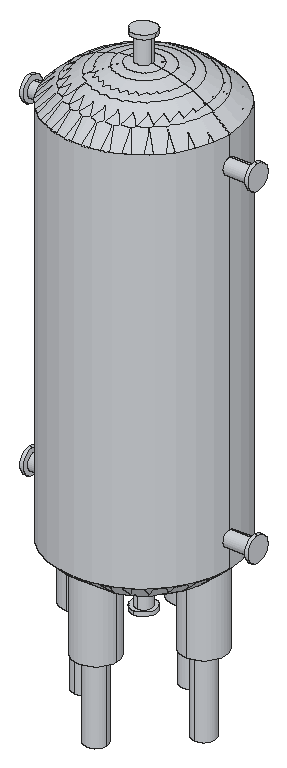
Revit family "b5b8c28974724057a4cf1a1e94b449d5", category Mechanical Equipment, Revit 2021
Family settings
  Round Connector Dimension = Use Radius
  Part Type = Normal
  OmniClass Number = 23.15.30.27.11
  OmniClass Title = Tanks, Reservoirs
  Seek Item ID = Storage Tank - Vertical-0000-USA-ENU
  Work Plane-Based = No
  Always vertical = Yes
  Cut with Voids When Loaded = No
  Shared = No
  Room Calculation Point = No
Parameters (values of type "120 Gallon")
  Tank Radius = Tank Diameter / 2  # 1' - 0"
  Tank Material = none
  Tank Height = 5' - 4 7/8"
  Tank Diameter = 2' - 0"
  Radius = (Height 1 * Height 1 + 0.25 * Tank Diameter * Tank Diameter) * 0.5 / Height 1  # 1' - 4.46783"
  Outlet Radius = 1"
  Outlet Diameter = Outlet Radius * 2  # 2"
  Inlet Radius = 1"
  Inlet Diameter = Inlet Radius * 2  # 2"
  Height 2 = 0.06 * Tank Height  # 0' - 3.8925"
  Height 1 = 0.08 * Tank Height  # 0' - 5.19"
  Sanitary Radius = 1"
  Sanitary Diameter = Sanitary Radius * 2  # 2"
  Flow [instance] = 0 GPM
  Diameter 1 = 0.7 * Tank Diameter  # 1' - 4.8"
  Default Elevation = 0' - 0"
  Connector Outside Radius = 0.5 * Connector Outside Diameter  # 0' - 1.1"
  Connector Outside Diameter = Inlet Diameter * 1.1  # 2.2"
  Connector Flange Outside Radius = 0.5 * Connector Flange Outside Diameter  # 0' - 1.7"
  Connector Flange Outside Diameter = Inlet Diameter * 1.7  # 3.4"
  Assembly Code = ""
Types (8): name | Tank Radius | Tank Height | Tank Diameter | Radius | Outlet Radius | Outlet Diameter | Inlet Radius | Inlet Diameter | Height 2 | Height 1 | Sanitary Radius | Sanitary Diameter | Diameter 1 | Connector Outside Radius | Connector Outside Diameter | Connector Flange Outside Radius | Connector Flange Outside Diameter
  120 Gallon | 1' - 0" | 5' - 4 7/8" | 2' - 0" | 1' - 4.46783" | 1" | 2" | 1" | 2" | 0' - 3.8925" | 0' - 5.19" | 1" | 2" | 1' - 4.8" | 0' - 1.1" | 2.2" | 0' - 1.7" | 3.4"
  200 Gallon | 1' - 3" | 5' - 11 27/32" | 2' - 6" | 1' - 10.44748" | 1 1/4" | 2 1/2" | 1 1/4" | 2 1/2" | 0' - 4.31062" | 0' - 5.7475" | 1 1/4" | 2 1/2" | 1' - 9" | 0' - 1 3/8" | 2 3/4" | 0' - 2 1/8" | 4 1/4"
  350 Gallon | 1' - 6" | 7' - 3 7/8" | 3' - 0" | 2' - 2.5591" | 1 1/4" | 2 1/2" | 1 1/4" | 2 1/2" | 0' - 5.2725" | 0' - 7.03" | 1 1/4" | 2 1/2" | 2' - 1.2" | 0' - 1 3/8" | 2 3/4" | 0' - 2 1/8" | 4 1/4"
  500 Gallon | 2' - 0" | 7' - 11 51/128" | 4' - 0" | 3' - 5.5524" | 1 1/2" | 3" | 1 1/2" | 3" | 0' - 5.72391" | 0' - 7.63187" | 1 1/2" | 3" | 2' - 9.6" | 0' - 1.65" | 3.3" | 0' - 2.55" | 5.1"
  750 Gallon | 2' - 0" | 8' - 9 29/32" | 4' - 0" | 3' - 2.22858" | 1 1/2" | 3" | 1 1/2" | 3" | 0' - 6.35438" | 0' - 8.4725" | 1 1/2" | 3" | 2' - 9.6" | 0' - 1.65" | 3.3" | 0' - 2.55" | 5.1"
  1000 Gallon | 2' - 0" | 11' - 5 29/32" | 4' - 0" | 2' - 7.62094" | 1 1/2" | 3" | 1 1/2" | 3" | 0' - 8.27437" | 0' - 11.0325" | 1 1/2" | 3" | 2' - 9.6" | 0' - 1.65" | 3.3" | 0' - 2.55" | 5.1"
  2000 Gallon | 2' - 3" | 11' - 6" | 4' - 6" | 3' - 2.5363" | 1 1/2" | 3" | 1 1/2" | 3" | 0' - 8.28" | 0' - 11.04" | 1 1/2" | 3" | 3' - 1.8" | 0' - 1.65" | 3.3" | 0' - 2.55" | 5.1"
  3000 Gallon | 2' - 6" | 11' - 6" | 5' - 0" | 3' - 10.28087" | 1 1/2" | 3" | 1 1/2" | 3" | 0' - 8.28" | 0' - 11.04" | 1 1/2" | 3" | 3' - 6" | 0' - 1.65" | 3.3" | 0' - 2.55" | 5.1"
Reference planes (in)
  plane 1 "Center (Front/Back)": y = 0
  plane 2: z = 0
  plane 3 "Center (Left/Right)": x = 0
  plane 4: z = 17
  plane 5: z = 22.19
  plane 6: z = 26.0825
  plane 7: z = 81.875
  plane 8: z = 76.685
  plane 9: z = 72.7925
  plane 10: z = 85.375
  plane 11: z = 85.875
  plane 12: z = 13.5
  plane 13: z = 13
  plane 14: z = 11.095
  plane 15: x = -8.4
  plane 16: x = 8.4
  plane 17: y = 8.4
  plane 18: y = -8.4
  plane 19: z = 33.46783
  plane 20: z = 65.40717
  plane 21: x = -12
  plane 22: x = 12
  plane 23: x = -15.5
  plane 24: x = 15.5
  plane 25: x = -16
  plane 26: x = 16
Forms (in)
  Revolve 1, solid, material <- "Tank Material"
    sketch origin (0, 0, 0) x (1, 0, 0) y (0, 0, 1)
      loop
        line (-12, 76.685) -> (-12, 22.19)
        arc (-12, 22.19) -> (-6.53713, 18.35309) -> (0, 17) r 16.46783
        line (0, 17) -> (0, 81.875)
        arc (0, 81.875) -> (-6.53713, 80.52191) -> (-12, 76.685) r 16.46783
      axis (0, 81.875) -> (0, 17)
    angle from 0 to 360
  Sweep 2, solid, material <- "Tank Material"
    path origin (0, 0, 0) x (1, 0, 0) y (0, 0, 1)
      loop
        line (-8.4, 22.19) -> (-8.4, 11.095)
    profile origin (-8.4, 0, 16.6425) x (0, -1, 0) y (1, 0, 0)
      loop
        circle (0, 0) r 3
  Sweep 3, solid, material <- "Tank Material"
    path origin (0, 0, 0) x (1, 0, 0) y (0, 0, 1)
      loop
        line (8.4, 22.19) -> (8.4, 11.095)
    profile origin (8.4, 0, 16.6425) x (0, -1, 0) y (1, 0, 0)
      loop
        circle (0, 0) r 3
  Sweep 4, solid, material <- "Tank Material"
    path origin (0, 0, 0) x (0, 1, 0) y (0, 0, 1)
      loop
        line (8.4, 22.19) -> (8.4, 11.095)
    profile origin (0, 8.4, 16.6425) x (1, 0, 0) y (0, 1, 0)
      loop
        circle (0, 0) r 3
  Sweep 5, solid, material <- "Tank Material"
    path origin (0, 0, 0) x (0, 1, 0) y (0, 0, 1)
      loop
        line (-8.4, 22.19) -> (-8.4, 11.095)
    profile origin (0, -8.4, 16.6425) x (1, 0, 0) y (0, 1, 0)
      loop
        circle (0, 0) r 3
  Sweep 6, solid, material <- "Tank Material"
    path origin (0, 0, 0) x (1, 0, 0) y (0, 0, 1)
      loop
        line (-8.4, 11.095) -> (-8.4, 0)
    profile origin (-8.4, 0, 5.5475) x (0, -1, 0) y (1, 0, 0)
      loop
        circle (0, 0) r 1.5
  Sweep 7, solid, material <- "Tank Material"
    path origin (0, 0, 0) x (1, 0, 0) y (0, 0, 1)
      loop
        line (8.4, 11.095) -> (8.4, 0)
    profile origin (8.4, 0, 5.5475) x (0, -1, 0) y (1, 0, 0)
      loop
        circle (0, 0) r 1.5
  Sweep 8, solid, material <- "Tank Material"
    path origin (0, 0, 0) x (0, 1, 0) y (0, 0, 1)
      loop
        line (8.4, 11.095) -> (8.4, 0)
    profile origin (0, 8.4, 5.5475) x (1, 0, 0) y (0, 1, 0)
      loop
        circle (0, 0) r 1.5
  Sweep 9, solid, material <- "Tank Material"
    path origin (0, 0, 0) x (0, 1, 0) y (0, 0, 1)
      loop
        line (-8.4, 11.095) -> (-8.4, 0)
    profile origin (0, -8.4, 5.5475) x (1, 0, 0) y (0, 1, 0)
      loop
        circle (0, 0) r 1.5
  Sweep 10, solid, material <- "Tank Material"
    path origin (0, 0, 0) x (1, 0, 0) y (0, 0, 1)
      loop
        line (0, 76.685) -> (0, 85.375)
    profile origin (0, 0, 81.03) x (-1, 0, 0) y (0, -1, 0)
      loop
        circle (0, 0) r 1.1
  Sweep 11, solid, material <- "Tank Material"
    path origin (0, 0, 0) x (1, 0, 0) y (0, 0, 1)
      loop
        line (0, 85.375) -> (0, 85.875)
    profile origin (0, 0, 85.625) x (-1, 0, 0) y (0, -1, 0)
      loop
        circle (0, 0) r 1.7
  Sweep 12, solid, material <- "Tank Material"
    path origin (0, 0, 0) x (1, 0, 0) y (0, 0, 1)
      loop
        line (0, 22.19) -> (0, 13.5)
    profile origin (0, 0, 17.845) x (0, -1, 0) y (1, 0, 0)
      loop
        circle (0, 0) r 1.1
  Sweep 13, solid, material <- "Tank Material"
    path origin (0, 0, 0) x (1, 0, 0) y (0, 0, 1)
      loop
        line (0, 13.5) -> (0, 13)
    profile origin (0, 0, 13.25) x (0, -1, 0) y (1, 0, 0)
      loop
        circle (0, 0) r 1.7
  Sweep 14, solid, material <- "Tank Material"
    path origin (0, 0, 0) x (1, 0, 0) y (0, 0, 1)
      loop
        line (-8.4, 72.7925) -> (-15.5, 72.7925)
    profile origin (-11.95, 0, 72.7925) x (0, 0, -1) y (0, -1, 0)
      loop
        circle (0, 0) r 1.1
  Sweep 15, solid, material <- "Tank Material"
    path origin (0, 0, 0) x (1, 0, 0) y (0, 0, 1)
      loop
        line (-15.5, 72.7925) -> (-16, 72.7925)
    profile origin (-15.75, 0, 72.7925) x (0, 0, -1) y (0, -1, 0)
      loop
        circle (0, 0) r 1.7
  Sweep 16, solid, material <- "Tank Material"
    path origin (0, 0, 0) x (1, 0, 0) y (0, 0, 1)
      loop
        line (8.4, 72.7925) -> (15.5, 72.7925)
    profile origin (11.95, 0, 72.7925) x (0, 0, 1) y (0, -1, 0)
      loop
        circle (0, 0) r 1.1
  Sweep 17, solid, material <- "Tank Material"
    path origin (0, 0, 0) x (1, 0, 0) y (0, 0, 1)
      loop
        line (15.5, 72.7925) -> (16, 72.7925)
    profile origin (15.75, 0, 72.7925) x (0, 0, 1) y (0, -1, 0)
      loop
        circle (0, 0) r 1.7
  Sweep 18, solid, material <- "Tank Material"
    path origin (0, 0, 0) x (1, 0, 0) y (0, 0, 1)
      loop
        line (-8.4, 26.0825) -> (-15.5, 26.0825)
    profile origin (-11.95, 0, 26.0825) x (0, 0, -1) y (0, -1, 0)
      loop
        circle (0, 0) r 1.1
  Sweep 19, solid, material <- "Tank Material"
    path origin (0, 0, 0) x (1, 0, 0) y (0, 0, 1)
      loop
        line (-15.5, 26.0825) -> (-16, 26.0825)
    profile origin (-15.75, 0, 26.0825) x (0, 0, -1) y (0, -1, 0)
      loop
        circle (0, 0) r 1.7
  Sweep 20, solid, material <- "Tank Material"
    path origin (0, 0, 0) x (1, 0, 0) y (0, 0, 1)
      loop
        line (8.4, 26.0825) -> (15.5, 26.0825)
    profile origin (11.95, 0, 26.0825) x (0, 0, 1) y (0, -1, 0)
      loop
        circle (0, 0) r 1.1
  Sweep 21, solid, material <- "Tank Material"
    path origin (0, 0, 0) x (1, 0, 0) y (0, 0, 1)
      loop
        line (15.5, 26.0825) -> (16, 26.0825)
    profile origin (15.75, 0, 26.0825) x (0, 0, 1) y (0, -1, 0)
      loop
        circle (0, 0) r 1.7
  Revolve 22, solid, material <- "Tank Material"
    sketch origin (0, 0, 0) x (1, 0, 0) y (0, 0, 1)
      loop
        line (-12, 76.685) -> (-12, 22.19)
        arc (-12, 22.19) -> (-6.53713, 18.35309) -> (0, 17) r 16.46783
        line (0, 17) -> (0, 81.875)
        arc (0, 81.875) -> (-6.53713, 80.52191) -> (-12, 76.685) r 16.46783
      axis (0, 81.875) -> (0, 17)
    angle from 0 to 360
Cuts and joins
  joined: Sweep 5, Sweep 9
  joined: Revolve 1, Sweep 14, Sweep 16, Sweep 18, Sweep 19
  joined: Sweep 2, Sweep 6
  joined: Sweep 10, Sweep 11, Sweep 12, Sweep 13, Sweep 20, Sweep 21, Revolve 22
  joined: Sweep 3, Sweep 7
  joined: Sweep 4, Sweep 8
Lines and regions (in)
  symbolic lines, detail levels fine
    curve 1: circle (0, 0, 0) r 1.7 normal (0, 0, 1)
Dimensions and locks (in)
  locked: plane 4 to plane 2 at 17
  "Height 1": plane 5 to plane 4
  "Height 2": plane 6 to plane 5
  "Tank Height": plane 7 to plane 4
  "Height 1": plane 7 to plane 8
  "Height 2": plane 8 to plane 9
  locked: plane 10 to plane 7 at 3.5
  locked: plane 11 to plane 10 at 0.5
  locked: plane 4 to plane 12 at 3.5
  locked: plane 12 to plane 13 at 0.5
  plane 4 to plane 14 to plane 2 = 0' - 5.905", 0' - 11.095"
  equal spacing: plane 5, plane 14, plane 2
  "Diameter 1": plane 17 to plane 18
  equal spacing: plane 17, plane 1 "Center (Front/Back)", plane 18
  "Diameter 1": plane 15 to plane 16
  equal spacing: plane 15, plane 3 "Center (Left/Right)", plane 16
  "Radius": plane 19 to plane 4
  "Radius": plane 7 to plane 20
  "Tank Diameter": plane 22 to plane 21
  equal spacing: plane 22, plane 3 "Center (Left/Right)", plane 21
  locked: plane 21 to plane 23 at 3.5
  locked: plane 24 to plane 22 at 3.5
  locked: plane 23 to plane 25 at 0.5
  locked: plane 26 to plane 24 at 0.5
  radius of Sweep 2 sketch curve = 0' - 3"
  radius of Sweep 4 sketch curve = 0' - 3"
  radius of Sweep 5 sketch curve = 0' - 3"
  radius of Sweep 6 sketch curve = 0' - 1 1/2"
  radius of Sweep 7 sketch curve = 0' - 1 1/2"
  radius of Sweep 8 sketch curve = 0' - 1 1/2"
  radius of Sweep 9 sketch curve = 0' - 1 1/2"
  "Connector Outside Radius": radius of Sweep 10 sketch curve
  "Connector Flange Outside Radius": radius of Sweep 11 sketch curve
  "Connector Outside Radius": radius of Sweep 12 sketch curve
  "Connector Flange Outside Radius": radius of Sweep 13 sketch curve
  "Connector Outside Radius": radius of Sweep 14 sketch curve
  "Connector Flange Outside Radius": radius of Sweep 15 sketch curve
  "Connector Outside Radius": radius of Sweep 16 sketch curve
  "Connector Flange Outside Radius": radius of Sweep 17 sketch curve
  "Connector Outside Radius": radius of Sweep 18 sketch curve
  "Connector Flange Outside Radius": radius of Sweep 19 sketch curve
  "Connector Outside Radius": radius of Sweep 20 sketch curve
  "Connector Flange Outside Radius": radius of Sweep 21 sketch curve
  "Connector Flange Outside Radius": radius of curve 1
  aligned and locked: plane 2 to level
  aligned and locked: plane 7 to Revolve 1 sketch curve
  aligned and locked: Revolve 1 sketch curve to plane 21
  aligned and locked: plane 3 "Center (Left/Right)" to Revolve 1 sketch curve  (x4)
  aligned and locked: plane 8 to Revolve 1 sketch curve
  aligned and locked: plane 5 to Revolve 1 sketch curve
  aligned and locked: plane 21 to Revolve 1 sketch curve
  aligned and locked: plane 4 to Revolve 1 sketch curve
  aligned and locked: Revolve 1 sketch curve to Revolve 1 sketch curve
  aligned and locked: Sweep 2 sketch curve to plane 15
  aligned and locked: plane 5 to Sweep 2 sketch curve
  aligned and locked: plane 14 to Sweep 2 sketch curve
  aligned and locked: Sweep 3 sketch curve to plane 16
  aligned and locked: plane 5 to Sweep 3 sketch curve
  aligned and locked: plane 14 to Sweep 3 sketch curve
  aligned and locked: plane 17 to Sweep 4 sketch curve
  aligned and locked: plane 5 to Sweep 4 sketch curve
  aligned and locked: plane 14 to Sweep 4 sketch curve
  aligned and locked: plane 18 to Sweep 5 sketch curve
  aligned and locked: plane 5 to Sweep 5 sketch curve
  aligned and locked: plane 14 to Sweep 5 sketch curve
  aligned and locked: Sweep 6 sketch curve to plane 15
  aligned and locked: plane 14 to Sweep 6 sketch curve
  aligned and locked: plane 2 to Sweep 6 sketch curve
  aligned and locked: Sweep 7 sketch curve to plane 16
  aligned and locked: plane 14 to Sweep 7 sketch curve
  aligned and locked: plane 2 to Sweep 7 sketch curve
  aligned and locked: plane 17 to Sweep 8 sketch curve
  aligned and locked: plane 14 to Sweep 8 sketch curve
  aligned and locked: plane 2 to Sweep 8 sketch curve
  aligned and locked: plane 14 to Sweep 9 sketch curve
  aligned and locked: plane 2 to Sweep 9 sketch curve
  aligned and locked: plane 18 to Sweep 9 sketch curve
  aligned and locked: plane 3 "Center (Left/Right)" to Sweep 10 sketch curve
  aligned and locked: plane 10 to Sweep 10 sketch curve
  aligned and locked: plane 8 to Sweep 10 sketch curve
  aligned and locked: plane 3 "Center (Left/Right)" to Sweep 11 sketch curve
  aligned and locked: plane 11 to Sweep 11 sketch curve
  aligned and locked: plane 10 to Sweep 11 sketch curve
  aligned and locked: Sweep 12 sketch curve to plane 3 "Center (Left/Right)"
  aligned and locked: plane 5 to Sweep 12 sketch curve
  aligned and locked: plane 12 to Sweep 12 sketch curve
  aligned and locked: Sweep 13 sketch curve to plane 3 "Center (Left/Right)"
  aligned and locked: plane 12 to Sweep 13 sketch curve
  aligned and locked: plane 13 to Sweep 13 sketch curve
  aligned and locked: plane 9 to Sweep 14 sketch curve
  aligned and locked: plane 23 to Sweep 14 sketch curve
  aligned and locked: plane 9 to Sweep 15 sketch curve
  aligned and locked: plane 25 to Sweep 15 sketch curve
  aligned and locked: plane 23 to Sweep 15 sketch curve
  aligned and locked: Sweep 16 sketch curve to plane 9
  aligned and locked: plane 24 to Sweep 16 sketch curve
  aligned and locked: Sweep 17 sketch curve to plane 9
  aligned and locked: plane 24 to Sweep 17 sketch curve
  aligned and locked: plane 26 to Sweep 17 sketch curve
  aligned and locked: plane 6 to Sweep 18 sketch curve
  aligned and locked: plane 23 to Sweep 18 sketch curve
  aligned and locked: plane 6 to Sweep 19 sketch curve
  aligned and locked: plane 25 to Sweep 19 sketch curve
  aligned and locked: plane 23 to Sweep 19 sketch curve
  aligned and locked: Sweep 20 sketch curve to plane 6
  aligned and locked: plane 24 to Sweep 20 sketch curve
  aligned and locked: Sweep 21 sketch curve to plane 6
  aligned and locked: plane 24 to Sweep 21 sketch curve
  aligned and locked: plane 26 to Sweep 21 sketch curve
  aligned and locked: plane 15 to Sweep 14 sketch curve
  aligned and locked: plane 16 to Sweep 16 sketch curve
  aligned and locked: plane 15 to Sweep 18 sketch curve
  aligned and locked: plane 16 to Sweep 20 sketch curve
  aligned and locked: plane 3 "Center (Left/Right)" to Revolve 22 sketch curve  (x3)
  aligned and locked: plane 8 to Revolve 22 sketch curve
  aligned and locked: plane 21 to Revolve 22 sketch curve  (x2)
  aligned and locked: plane 5 to Revolve 22 sketch curve
  aligned and locked: plane 4 to Revolve 22 sketch curve
  aligned and locked: Revolve 22 sketch curve to plane 3 "Center (Left/Right)"
  aligned and locked: plane 7 to Revolve 22 sketch curve
  aligned and locked: Revolve 22 sketch curve to Revolve 22 sketch curve
  aligned and locked: plane 1 "Center (Front/Back)" to curve 1
Automatic sketch dimensions
  Revolve 1 sketch curve to plane 4 = 0' - 0"
  Revolve 1 sketch curve to plane 7 = 0' - 0"
  Sweep 2 sketch curve to plane 1 "Center (Front/Back)" = 0' - 0"
  Sweep 2 sketch curve to profile plane = 0' - 0"
  Sweep 3 sketch curve to plane 1 "Center (Front/Back)" = 0' - 0"
  Sweep 3 sketch curve to profile plane = 0' - 0"
  Sweep 4 sketch curve to plane 3 "Center (Left/Right)" = 0' - 0"
  Sweep 4 sketch curve to profile plane = 0' - 0"
  Sweep 5 sketch curve to plane 3 "Center (Left/Right)" = 0' - 0"
  Sweep 5 sketch curve to profile plane = 0' - 0"
  Sweep 6 sketch curve to plane 1 "Center (Front/Back)" = 0' - 0"
  Sweep 6 sketch curve to profile plane = 0' - 0"
  Sweep 7 sketch curve to plane 1 "Center (Front/Back)" = 0' - 0"
  Sweep 7 sketch curve to profile plane = 0' - 0"
  Sweep 8 sketch curve to plane 3 "Center (Left/Right)" = 0' - 0"
  Sweep 8 sketch curve to profile plane = 0' - 0"
  Sweep 9 sketch curve to plane 3 "Center (Left/Right)" = 0' - 0"
  Sweep 9 sketch curve to profile plane = 0' - 0"
  Sweep 10 sketch curve to plane 1 "Center (Front/Back)" = 0' - 0"
  Sweep 10 sketch curve to profile plane = 0' - 0"
  Sweep 11 sketch curve to plane 1 "Center (Front/Back)" = 0' - 0"
  Sweep 11 sketch curve to profile plane = 0' - 0"
  Sweep 12 sketch curve to plane 1 "Center (Front/Back)" = 0' - 0"
  Sweep 12 sketch curve to profile plane = 0' - 0"
  Sweep 13 sketch curve to plane 1 "Center (Front/Back)" = 0' - 0"
  Sweep 13 sketch curve to profile plane = 0' - 0"
  Sweep 14 sketch curve to plane 1 "Center (Front/Back)" = 0' - 0"
  Sweep 14 sketch curve to profile plane = 0' - 0"
  Sweep 15 sketch curve to plane 1 "Center (Front/Back)" = 0' - 0"
  Sweep 15 sketch curve to profile plane = 0' - 0"
  Sweep 16 sketch curve to plane 1 "Center (Front/Back)" = 0' - 0"
  Sweep 16 sketch curve to profile plane = 0' - 0"
  Sweep 17 sketch curve to plane 1 "Center (Front/Back)" = 0' - 0"
  Sweep 17 sketch curve to profile plane = 0' - 0"
  Sweep 18 sketch curve to plane 1 "Center (Front/Back)" = 0' - 0"
  Sweep 18 sketch curve to profile plane = 0' - 0"
  Sweep 19 sketch curve to plane 1 "Center (Front/Back)" = 0' - 0"
  Sweep 19 sketch curve to profile plane = 0' - 0"
  Sweep 20 sketch curve to plane 1 "Center (Front/Back)" = 0' - 0"
  Sweep 20 sketch curve to profile plane = 0' - 0"
  Sweep 21 sketch curve to plane 1 "Center (Front/Back)" = 0' - 0"
  Sweep 21 sketch curve to profile plane = 0' - 0"
  Revolve 22 sketch curve to plane 4 = 0' - 0"
  Revolve 22 sketch curve to plane 7 = 0' - 0"
  curve 1 to plane 3 "Center (Left/Right)" = 0' - 0"
  radius of Sweep 3 sketch curve = 0' - 3"
Connectors (in)
  piping at (-16, 0, 26.0825), diameter 2, driven by "Inlet Radius", driven by "Flow"
    settings: on cut or joined group of Revolve 1, Sweep 14, Sweep 16, Sweep 18, Sweep 19, index 1, connector inside diameter 2", connector length 0' - 0", flow factor 0, pipe flow 0 GPM, pressure drop 0.00 psi, fitting loss kfactor 0, connector angle 0.00°, fixture units 0, engagement length 0' - 0", angle of deflection 0.00°, flow configuration 1, flow direction 1, fitting loss method 4, system type 22, joint type 0, gender type 0, connector reference index -1, connector utility 0, adjustable connector no, is connector primary yes, connector description "Tank In"
  piping at (0, 0, 85.875), diameter 2, driven by "Outlet Radius", driven by "Flow"
    settings: on cut or joined group of Sweep 10, Sweep 11, Sweep 12, Sweep 13, Sweep 20, Sweep 21, Revolve 22, index 2, connector inside diameter 2", connector length 0' - 0", flow factor 0, pipe flow 0 GPM, pressure drop 0.00 psi, fitting loss kfactor 0, connector angle 0.00°, fixture units 0, engagement length 0' - 0", angle of deflection 0.00°, flow configuration 0, flow direction 2, fitting loss method 4, system type 22, joint type 0, gender type 0, connector reference index -1, connector utility 0, adjustable connector no, is connector primary no, connector description "Tank Out"
  piping at (0, 0, 13), diameter 2, driven by "Sanitary Radius"
    settings: on cut or joined group of Sweep 10, Sweep 11, Sweep 12, Sweep 13, Sweep 20, Sweep 21, Revolve 22, index 3, connector inside diameter 2", connector length 0' - 0", flow factor 0, pipe flow 0 GPM, pressure drop 0.00 psi, fitting loss kfactor 0, connector angle 0.00°, fixture units 0, engagement length 0' - 0", angle of deflection 0.00°, flow configuration 1, flow direction 2, fitting loss method 0, system type 16, joint type 0, gender type 0, connector reference index -1, connector utility 0, adjustable connector no, is connector primary no, connector description "Out"
